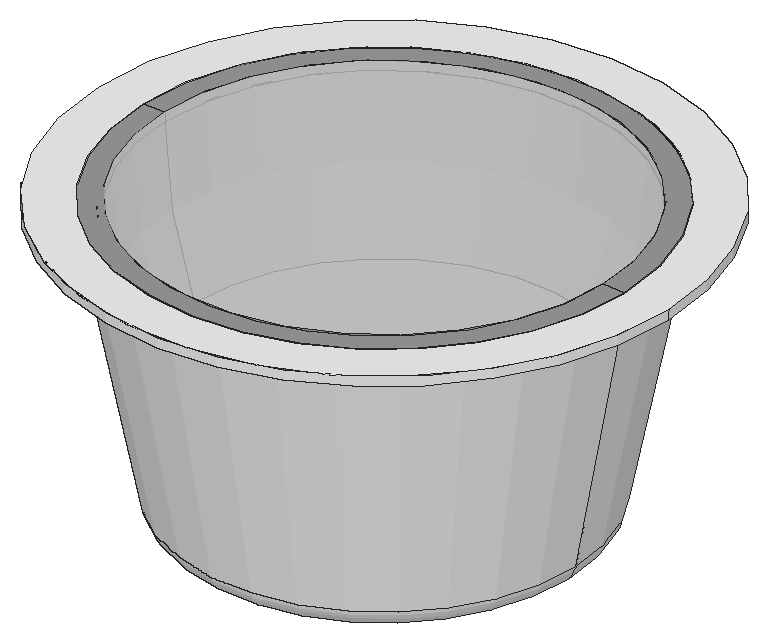
Revit family "2060568 Sylvania Lighting Fixture ASCENT 100 II ARCH 2700 4K DALI EMG 160", category Lighting Fixtures, host Face, Revit 2016
Family settings
  Host = Face
  Part Type = Normal
  Round Connector Dimension = Use Diameter
  OmniClass Number = 23.80.70.11.17
  OmniClass Title = Specialized Lighting by Location or Use
  Cut with Voids When Loaded = No
  Light Source = Yes
  Shared = No
  Room Calculation Point = No
Parameters (values of type "2060568 ASCT100 II ARCH 2700 4K DALI EMG 160 Emergency mode")
  WidthBezelAcc_SYL = 25.0 mm
  Weight = "1.92 kg"
  Wattage = 1.58333 W
  WarrantyStartDate [instance] = "n/a"
  WarrantyGuarantorParts = "n/a"
  WarrantyDurationUnit = "n/a"
  WarrantyDurationParts = "n/a"
  WarrantyDescription = "n/a"
  built-in parameter 1150110 = 1 (stored number, unit not read)
  Voltage = 0 V
  VisibilityAccessory_SYL = no
  TypeName = "ASCT100 II ARCH 2700 4K DALI EMG 160 Emergency mode"
  built-in parameter 1114217 = 1 (stored number, unit not read)
  Tilt Angle = -90°
  built-in parameter 1150109 = 1 (stored number, unit not read)
  built-in parameter 1150134 = 12
  built-in parameter 1150113 = 1 (stored number, unit not read)
  SerialNumber [instance] = "n/a"
  ReflectorRadius_SYL = Radius_SYL - 14.5 mm  # 80.0 mm
  RadiusAcc_SYL = 105.0 mm
  Radius_SYL = 94.5 mm
  URL = "http://www.sylvania-lighting.com"
  PowerFactor = 0
  PowerConsumption = "23 W"
  Photometric Web File = "2060568EM.ies"
  NominalWidth = 0.0 mm
  NominalLength = 0.0 mm
  NominalHeight = 94.0 mm
  Name = "ASCT100 II ARCH 2700 4K DALI EMG 160 Emergency mode"
  ModelReference = "ASCT100 II ARCH 2700 4K DALI EMG 160 Emergency mode"
  ModelNumber = "2060568"
  Material_4_SYL = none
  Material_3_SYL = Polycarbonate_Sylvania_Ascent_Opal
  Material_2_SYL = Aluminium_Sylvania_Ascent_Silver
  Material_1_SYL = Aluminum_Sylvania_Ascent_White
  Material = "aluminium housing, arcylic diffuser"
  ManufacturerName = "Feilo Sylvania"
  LuminousEfficacy = "120 lm/W"
  built-in parameter 1150105 = 15.12 (stored number, unit not read)
  Lumens = 190 lm
  LuminaireType = ""
  built-in parameter 1150115 = 1 (stored number, unit not read)
  LightOutputRatio = "100"
  built-in parameter 1150137 = (empty or 0)
  built-in parameter 1150139 = (empty or 0)
  LampsType = Lamp  # "LED"
  LampNominalLuminous = "2767 lm"
  LampMacAdamStep = "3"
  LampColourTemperature = "4000 K"
  LampColourRenderingIndex = "80"
  built-in parameter 1150112 = 1 (stored number, unit not read)
  built-in parameter 1150114 = 1 (stored number, unit not read)
  Keynote = "16500"
  InstallationDate [instance] = "n/a"
  InputVoltage = "n/a"
  InputNominalFrequency = "n/a"
  built-in parameter 1150132 = (empty or 0)
  built-in parameter 1150102 = (empty or 0)
  built-in parameter 1150107 = 4000 (stored number, unit not read)
  built-in parameter 1150138 = (empty or 0)
  IngressProtection = "IP40"
  ImpactProtectionIndex = "IK02"
  built-in parameter 1150106 = 0.1512 (stored number, unit not read)
  IfcExportType = "IfcLightFixtureType"
  IfcExportAs = "IfcLightFixtureType"
  Height_SYL = 94.0 mm
  HeightAcc_SYL = 7.0 mm
  ExpectedLife = 50000
  EmittionSurface_SYL = if(VisibilityAccessory_SYL, 7.0 mm, 3.0 mm)  # 3.0 mm
  Emit from Circle Diameter = DiffuserRadius_SYL * 2  # 146.0 mm
  Emit Shape Visible in Rendering = no
  ElectricShockClassification = "Class II"
  built-in parameter 1150104 = 11.148 (stored number, unit not read)
  DurationUnit = "hours"
  DocumentationLiterature = "http://www.sylvania-lighting.com/product/en-int/products/2060568"
  DimmingControlOptions = "n/a"
  Dimming Lamp Color Temperature Shift = <None>
  DiffuserRadius_SYL = ReflectorRadius_SYL - 7.0 mm  # 73.0 mm
  Diameter_SYL = 2 * Radius_SYL  # 189.0 mm
  CutoutDiameter_SYL = Diameter_SYL - 13.0 mm  # 176.0 mm
  CreatedOn = "9/17/2018"
  CreatedBy = "@sylvania-lighting.com"
  Color Filter = 16777215
  built-in parameter 1114216 [instance] = 1 (stored number, unit not read)
  Model = "ASCT100 II ARCH 2700 4K DALI EMG 160 Emergency mode"
  Manufacturer = "Feilo Sylvania"
  Lamp = "LED"
  Description = "Direct LED retro fit for original LED 100 Arch (160) single CFL lamp offering Matching lumen levels and improved light distribution of original LED 100 CFL lamp equivalents Typically half the power consumption compared to CFL Up to 112lm/W 160mm aperture Architectural reflector accepts range of glass accessories from existing LED 100 Arch 160 offering HE, HO and VHO versions equivalent of single 1 x 18W, 1 x 32W, 1 x 42W\r\n Additional VVHO versions which offer the performance circa 2 x 32W equivalent"  # constant formula
  Default Elevation = 0.0 mm
  built-in parameter 1140040 [instance] = 1
  BarCode [instance] = "n/a"
  built-in parameter 1114218 = 1 (stored number, unit not read)
  built-in parameter 1150133 = 10 (stored number, unit not read)
  AssetType = "Fixed"
  AssetIdentifier [instance] = "n/a"
  Assembly Code = "D5020200"
  Apparent Load = 1.58333 VA
  Aperture_SYL = 2 * ReflectorRadius_SYL  # 160.0 mm
Types (2, lengths in mm): name | Wattage | TypeName | Photometric Web File | Name | ModelReference | built-in parameter 1150105 | Lumens | built-in parameter 1150106 | Model | Apparent Load
  2060568 ASCT100 II ARCH 2700 4K DALI EMG 160 Emergency mode | 1.58333 W | "ASCT100 II ARCH 2700 4K DALI EMG 160 Emergency mode" | "2060568EM.ies" | "ASCT100 II ARCH 2700 4K DALI EMG 160 Emergency mode" | "ASCT100 II ARCH 2700 4K DALI EMG 160 Emergency mode" | 15.12 (stored number, unit not read) | 190 lm | 0.1512 (stored number, unit not read) | "ASCT100 II ARCH 2700 4K DALI EMG 160 Emergency mode" | 1.58333 VA
  2060568 ASCT100 II ARCH 2700 4K DALI EMG 160 | 23 W | "ASCENT 100 II ARCH 2700 4K DALI EMG 160" | "2060568.ies" | "ASCENT 100 II ARCH 2700 4K DALI EMG 160" | "ASCENT 100 II ARCH 2700 4K DALI EMG 160" | 219.63 (stored number, unit not read) | 2760 lm | 2.1963 (stored number, unit not read) | "ASCENT 100 II ARCH 2700 4K DALI EMG 160" | 23 VA
Reference planes
  plane 1 "Center (Front/Back)": y = 0
  plane 2: z = 0
  plane 3 "Center (Left/Right)": x = 0
  plane 4 "Fixture Bottom": z = 3
  plane 5: z = -52.5
  plane 6 "Fixture Top": z = -91
  plane 7: x = -105
  plane 8: z = 7
  plane 9: x = -80
  plane 10: z = 5
  plane 11: x = -103
Forms (mm)
  Extrusion 1, solid, material "Aluminum_Sylvania_Ascent_White", detail levels fine
    sketch origin (0, 0, 0) x (1, 0, 0) y (0, 1, 0)
      loop
        circle (0, 0) r 94.5
      loop
        circle (0, 0) r 80
    from 0 to 3
  Extrusion 2, void
    sketch origin (0, 0, 0) x (1, 0, 0) y (0, 1, 0)
      loop
        circle (0, 0) r 88
    from -91 to 3
  Revolve 3, solid, material "Aluminum_Sylvania_Ascent_White" <- "Material_1_SYL", detail levels fine
    sketch origin (0, 0, 0) x (1, 0, 0) y (0, 0, 1)
      loop
        line (0, -91.073) -> (0, -89.023) -> (-55.468, -89.014)
        arc (-55.468, -89.014) -> (-59.352, -87.613) -> (-61.54, -84.139) r 6.307
        line (-61.54, -84.139) -> (-77.991, -2.844) -> (-77.991, 0) -> (-80, 0) -> (-80, -3) -> (-63.5, -84.536)
        arc (-63.5, -84.536) -> (-60.643, -89.203) -> (-55.5, -91.073) r 8.291
        line (-55.5, -91.073) -> (0, -91.073)
      axis (0, 0) -> (0, -91.073)
    angle from 0 to 360
  Revolve 4, solid, material "Aluminium_Sylvania_Ascent_Silver" <- "Material_2_SYL", detail levels fine
    sketch origin (0, 0, 0) x (1, 0, 0) y (0, 0, 1)
      loop
        line (-80, 3) -> (-80, 0) -> (-75, 0)
        arc (-75, 0) -> (-72.349, -26.77) -> (-64.5, -52.5) r 136.5
        line (-64.5, -52.5) -> (-58, -52.5)
        arc (-58, -52.5) -> (-56.857, -61.521) -> (-53.5, -69.971) r 36.166
        line (-53.5, -69.971) -> (0, -69.971) -> (0, -50.5) -> (-63.16, -50.5)
        arc (-63.16, -50.5) -> (-70.517, -25.725) -> (-73, 0) r 134.5
        line (-73, 0) -> (-73, 3) -> (-80, 3)
      axis (0, 3) -> (0, -69.971)
    angle from 0 to 360
  Extrusion 5, solid, material "Polycarbonate_Sylvania_Ascent_Opal" <- "Material_3_SYL", detail levels fine
    sketch origin (0, 0, 0) x (1, 0, 0) y (0, 1, 0)
      loop
        circle (0, 0) r 73
    from 0 to 3
  Revolve 6, solid, material "Aluminum_Sylvania_Ascent_White" <- "Material_1_SYL", detail levels coarse+medium
    sketch origin (0, 0, 0) x (1, 0, 0) y (0, 0, 1)
      loop
        line (0, -91.073) -> (0, 3) -> (-94.5, 3) -> (-94.5, 0) -> (-79.5, 0) -> (-79.5, -3) -> (-63, -84.536)
        arc (-63, -84.536) -> (-60.143, -89.203) -> (-55, -91.073) r 8.291
        line (-55, -91.073) -> (0, -91.073)
      axis (0, 3) -> (0, -91.073)
    angle from 0 to 360
  Revolve 7, solid, material "Aluminum_Sylvania_Ascent_White" <- "Material_1_SYL", visible <- "VisibilityAccessory_SYL"
    sketch origin (0, 0, 0) x (1, 0, 0) y (0, 0, 1)
      loop
        line (-105, 0) -> (-103, 0) -> (-103, 5) -> (-80, 5) -> (-80, 7) -> (-105, 7) -> (-105, 0)
      axis (0, 7) -> (0, 0)
    angle from 0 to 360
  Revolve 8, solid, material "Polycarbonate_Sylvania_Ascent_Opal" <- "Material_3_SYL", visible <- "VisibilityAccessory_SYL"
    sketch origin (0, 0, 0) x (1, 0, 0) y (0, 0, 1)
      loop
        line (-80, 7) -> (-80, 5) -> (0, 5) -> (0, 7) -> (-80, 7)
      axis (0, 7) -> (0, 5)
    angle from 0 to 360
Lines and regions (mm)
  reference lines
    curve 1: line (-150, 0, 3) -> (125, 0, 3)
Dimensions and locks
  locked: plane 4 "Fixture Bottom" to plane 2 at 3
  "Height_SYL": plane 4 "Fixture Bottom" to plane 6 "Fixture Top"
  "ReflectorRadius_SYL": plane 3 "Center (Left/Right)" to Revolve 4 sketch curve
  locked: Revolve 4 sketch curve to Revolve 4 sketch curve at 15.5
  locked: Revolve 4 sketch curve to Revolve 4 sketch curve at 5
  locked: Revolve 4 sketch curve to Revolve 4 sketch curve at 7
  locked: Revolve 4 sketch curve to Revolve 4 sketch curve at 22
  locked: Revolve 4 sketch curve to Revolve 4 sketch curve at 26.5
  locked: Revolve 3 sketch curve to Revolve 3 sketch curve at 16.5
  locked: Revolve 3 sketch curve to Revolve 3 sketch curve at 24.5
  "ReflectorRadius_SYL": Revolve 3 sketch curve to plane 3 "Center (Left/Right)"
  locked: Revolve 3 sketch curve to plane 6 "Fixture Top" at 6.464
  locked: plane 2 to Revolve 3 sketch curve at 3
  locked: Revolve 3 sketch curve to Revolve 3 sketch curve at 2
  locked: Revolve 3 sketch curve to Revolve 3 sketch curve at 2.009
  locked: plane 2 to plane 5 at 52.5
  locked: Revolve 6 sketch curve to Revolve 6 sketch curve at 31.5
  locked: Revolve 6 sketch curve to Revolve 6 sketch curve at 39.5
  locked: Revolve 6 sketch curve to Revolve 6 sketch curve at 15
  "Radius_SYL": plane 3 "Center (Left/Right)" to Revolve 6 sketch curve
  "RadiusAcc_SYL": plane 3 "Center (Left/Right)" to plane 7
  "HeightAcc_SYL": plane 8 to level
  "WidthBezelAcc_SYL": plane 7 to plane 9
  locked: plane 7 to plane 11 at 2
  locked: plane 8 to plane 10 at 2
  "EmittionSurface_SYL": curve 1 to level
  "CutoutDiameter_SYL": diameter of Extrusion 2 sketch curve
  "ReflectorRadius_SYL": radius of Extrusion 1 sketch curve
  "DiffuserRadius_SYL": radius of Extrusion 5 sketch curve
  "Radius_SYL": radius of Extrusion 1 sketch curve
  aligned and locked: host face to plane 2
  aligned and locked: host face to level
  aligned and locked: plane 4 "Fixture Bottom" to Extrusion 1
  aligned and locked: Extrusion 1 to plane 2
  aligned and locked: Revolve 3 sketch curve to plane 3 "Center (Left/Right)"
  aligned and locked: Revolve 4 sketch curve to plane 3 "Center (Left/Right)"  (x2)
  aligned and locked: plane 4 "Fixture Bottom" to Revolve 4 sketch curve
  aligned and locked: Extrusion 5 to plane 2
  aligned and locked: plane 2 to Revolve 3 sketch curve  (x2)
  aligned and locked: Revolve 6 sketch curve to plane 3 "Center (Left/Right)"
  aligned and locked: plane 6 "Fixture Top" to Extrusion 2
  aligned and locked: Revolve 7 sketch curve to plane 3 "Center (Left/Right)"
  aligned and locked: host face to Revolve 7 sketch curve  (x2)
  aligned and locked: Revolve 7 sketch curve to plane 7
  aligned and locked: plane 8 to Revolve 7 sketch curve
  aligned and locked: plane 9 to Revolve 7 sketch curve
  aligned and locked: Revolve 7 sketch curve to plane 10
  aligned and locked: plane 11 to Revolve 7 sketch curve
  aligned and locked: Revolve 7 to Revolve 8 sketch curve
  aligned and locked: Revolve 8 sketch curve to Revolve 7  (x2)
  aligned and locked: Revolve 8 sketch curve to plane 3 "Center (Left/Right)"  (x2)
  aligned and locked: plane 3 "Center (Left/Right)" to imposter light
  aligned and locked: imposter light to plane 1 "Center (Front/Back)"
  aligned and locked: imposter light to curve 1
Automatic sketch dimensions
  plane 1 "Center (Front/Back)" to Extrusion 2 sketch curve = 0.0 mm
  Extrusion 2 sketch curve to plane 3 "Center (Left/Right)" = 0.0 mm
  Extrusion 1 sketch curve to Extrusion 1 sketch curve = 0.0 mm  (x2)
  plane 1 "Center (Front/Back)" to Extrusion 1 sketch curve = 0.0 mm
  Extrusion 1 sketch curve to plane 3 "Center (Left/Right)" = 0.0 mm
  plane 6 "Fixture Top" to Revolve 3 sketch curve = 0.073 mm
  Revolve 3 sketch curve to plane 6 "Fixture Top" = 6.861 mm
  Revolve 3 sketch curve to Revolve 3 sketch curve = 0.003 mm
  Revolve 3 sketch curve to Revolve 3 sketch curve = 0.009 mm  (x2)
  Revolve 3 sketch curve to Revolve 3 sketch curve = 0.023 mm
  Revolve 3 sketch curve to Revolve 3 sketch curve = 0.072 mm
  Revolve 3 sketch curve to Revolve 3 sketch curve = 0.008 mm
  Revolve 3 sketch curve to plane 6 "Fixture Top" = 1.977 mm
  Revolve 3 sketch curve to Revolve 3 sketch curve = 33.496 mm
  Revolve 3 sketch curve to Revolve 3 sketch curve = 0.028 mm
  plane 4 "Fixture Bottom" to Revolve 3 sketch curve = 82.431 mm
  Revolve 4 sketch curve to Revolve 4 sketch curve = 0.0 mm  (x2)
  Revolve 4 sketch curve to plane 5 = 0.0 mm
  Revolve 4 sketch curve to level = 0.0 mm
  plane 5 to Revolve 4 sketch curve = 2.0 mm
  plane 4 "Fixture Bottom" to Revolve 4 sketch curve = 9.642 mm
  plane 1 "Center (Front/Back)" to Extrusion 5 sketch curve = 0.0 mm
  Extrusion 5 sketch curve to plane 3 "Center (Left/Right)" = 0.0 mm
  Revolve 4 sketch curve to level = 69.971 mm
  Revolve 4 sketch curve to Revolve 4 sketch curve = 2.387 mm
  Revolve 6 sketch curve to level = 0.0 mm
  Revolve 6 sketch curve to plane 3 "Center (Left/Right)" = 0.0 mm
  Revolve 6 sketch curve to Revolve 6 sketch curve = 8.104 mm
  Revolve 6 sketch curve to level = 3.0 mm
  Revolve 6 sketch curve to plane 6 "Fixture Top" = 6.464 mm
  plane 6 "Fixture Top" to Revolve 6 sketch curve = 0.073 mm
  Revolve 6 sketch curve to Revolve 6 sketch curve = 33.496 mm
  plane 4 "Fixture Bottom" to Revolve 6 sketch curve = 82.431 mm
  host sketch curve to host sketch curve = 1704.996 mm
  host sketch curve to host sketch curve = 1500.0 mm
  plane 6 "Fixture Top" to Revolve 7 sketch curve = 281.274 mm
  Revolve 7 sketch curve to plane 8 = 1140.706 mm
  plane 6 "Fixture Top" to Revolve 8 sketch curve = 281.274 mm
  Revolve 8 sketch curve to Revolve 8 sketch curve = 1140.706 mm
  Revolve 3 sketch curve to plane 3 "Center (Left/Right)" = 0.0 mm
  Revolve 6 sketch curve to plane 4 "Fixture Bottom" = 0.0 mm
  plane 7 to curve 1 = 45.0 mm
  plane 3 "Center (Left/Right)" to curve 1 = 125.0 mm
Connectors
  electrical at (0, 0, -91.073), driven by "Apparent Load"
    settings: on Revolve 3, index 1, voltage 240 V, apparent load 0 VA, apparent load phase1 1.58333 VA, apparent load phase2 0 VA, apparent load phase3 0 VA, power factor 1, load classification "Lighting", number of poles 1, system type 31, power factor state 1, is connector primary yes, connector utility no, sub classification motor no, connector description ""
